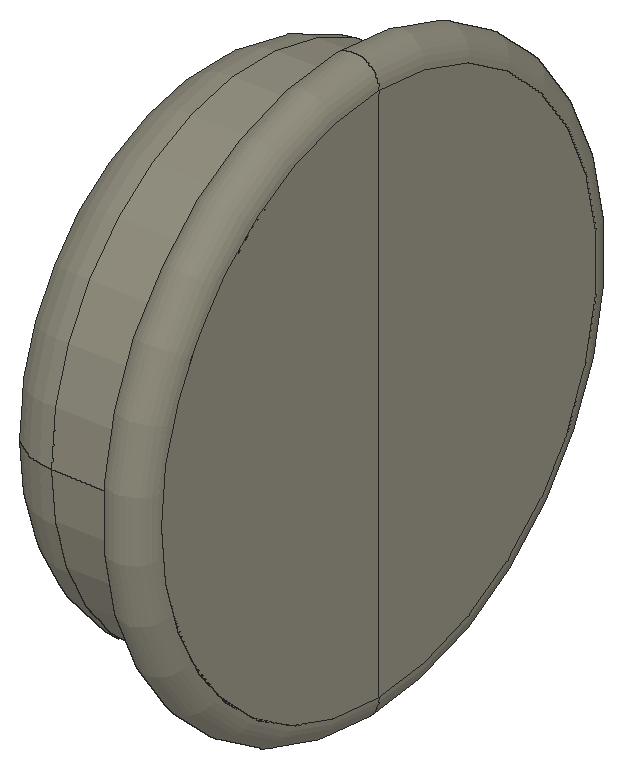
Revit family "Construction_Roof-Accessories_Alpine-SnowGuards_PP56-End-Cap", category Specialty Equipment, Revit 2019
Family settings
  Round Connector Dimension = Use Diameter
  Part Type = Normal
  OmniClass Number = 23.35.20.31.27.14
  OmniClass Title = Snow Guards
  Work Plane-Based = No
  Always vertical = Yes
  Cut with Voids When Loaded = No
  Shared = No
  Room Calculation Point = No
Parameters (values of type "PP56")
  URL = "https://www.alpinesnowguards.com/pipe-style-accessories-page?utm_source=bimobject&utm_medium=productlisting&utm_campaign=2022marketing"
  Product data url = "https://www.bimobject.com/alpine-snowguards/product/pipe-style-snow-guard-accessories"
  Product Material [instance] = Alpine SnowGuards - Aluminium - Mill Finish
  Product Guid = "61fc9796-3cde-4d78-8ab7-833e68d74063"
  Model = "PP56"
  Manufacturer = "Alpine SnowGuards"  # constant formula
  Keynote = "07720"
  Edition number = 1
  Description = "Pipe Style Snow Guard Accessories-PP56 End Cap"  # constant formula
  Assembly Code = "B3010"
Reference planes (in)
  plane 1 "Center (Front/Back)": y = 0
  plane 2: z = 0
  plane 3 "Center (Left/Right)": x = 0
Forms (in)
  Revolve 1, solid, material "Alpine SnowGuards - Aluminium - Mill Finish" <- "Product Material"
    sketch origin (-0.25619, 0, 0) x (1, 0, 0) y (0, 0, 1)
      loop
        line (0.25641, 0) -> (0.34048, 0) -> (0.34048, 0.44436)
        arc (0.34048, 0.44436) -> (0.29845, 0.4864) -> (0.25641, 0.44436) r 0.04203
        line (0.25641, 0.44436) -> (0.25641, 0)
      axis (0.25641, 0) -> (0.34048, 0)
    angle from 0 to 360
  Sweep 2, solid, material "Alpine SnowGuards - Aluminium - Mill Finish" <- "Product Material"
    path origin (0, 0, 0) x (0, 1, 0) y (0, 0, 1)
      loop
        circle (0, 0) r 0.41893
    profile origin (0, 0, -0.41893) x (0, 0, 1) y (1, 0, 0)
      loop
        line (0.00439, 0.00025) -> (0.00439, -0.12044)
        arc (0.00439, -0.12044) -> (0.02351, -0.18171) -> (0.0741, -0.22121) r 0.1077
        line (0.0741, -0.22121) -> (0.09707, -0.19824)
        arc (0.09707, -0.19824) -> (0.05992, -0.17268) -> (0.03973, -0.13236) r 0.09049
        line (0.03973, -0.13236) -> (0.03973, 0.00025) -> (0.00439, 0.00025)
Dimensions and locks (in)
  aligned and locked: level to plane 2
